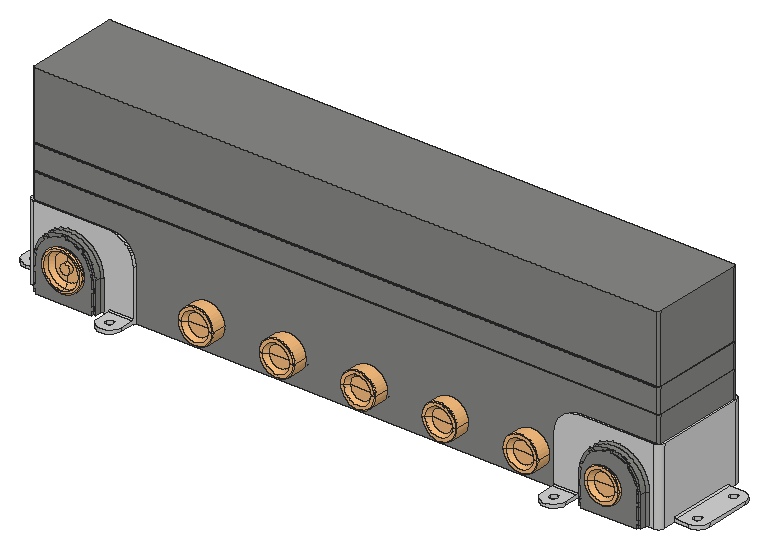
Revit family "Valve-Six_Outlet_Thermostatic-KOHLER-K-26344T_1", category Plumbing Fixtures, host Face, Revit 2017 (continued)
Definition of nested family "K-26344T"
  Lines and regions (in)
    symbolic lines, detail levels medium+fine
      curve 164: arc (2.74684, 0, 0.88574) -> (3.29801, 0, 0.33456) -> (3.84919, 0, 0.88574) r 0.55118
      curve 165: arc (2.76518, 0, 0.88574) -> (3.29801, 0, 0.3529) -> (3.83085, 0, 0.88574) r 0.53284
      curve 166: arc (3.72974, 0, 0.88574) -> (3.29801, 0, 0.45401) -> (2.86629, 0, 0.88574) r 0.43173
      curve 167: arc (3.63955, 0, 0.88574) -> (3.29801, 0, 0.54421) -> (2.95648, 0, 0.88574) r 0.34154
      curve 168: arc (3.29918, 0, 1.03768) -> (3.14926, 0, 0.88777) -> (3.29918, 0, 0.73785) r 0.14992
      curve 169: arc (3.29918, 0, 0.73785) -> (3.44909, 0, 0.88777) -> (3.29918, 0, 1.03768) r 0.14992
      curve 170: arc (2.95648, 0, 0.88574) -> (3.29801, 0, 1.22728) -> (3.63955, 0, 0.88574) r 0.34154
      curve 171: arc (2.86629, 0, 0.88574) -> (3.29801, 0, 1.31747) -> (3.72974, 0, 0.88574) r 0.43173
      curve 172: arc (3.83085, 0, 0.88574) -> (3.29801, 0, 1.41858) -> (2.76518, 0, 0.88574) r 0.53284
      curve 173: arc (3.84919, 0, 0.88574) -> (3.29801, 0, 1.43692) -> (2.74684, 0, 0.88574) r 0.55118
      curve 174: line (9.97041, 0, 0.01969) -> (9.97041, 0, 0.17181)
      curve 175: line (9.99852, 0, 0.01969) -> (9.64344, 0, 0.01969)
      curve 176: line (-9.97044, 0, 0.01969) -> (-9.97044, 0, 0.17181)
      curve 177: line (-9.99855, 0, 0.01969) -> (-9.64347, 0, 0.01969)
      curve 178: line (0, 1.84826, 0.01969) -> (0, 1.84826, 1.91975)
      curve 179: line (0, 1.84826, 0.01969) -> (0, 1.59449, 0.01969)
      curve 180: line (0, 1.59449, 0) -> (0, 1.59449, 2.01706)
      curve 181: line (0, 1.92913, 0.32868) -> (0, 1.92913, 1.63661)
      curve 182: line (0, 1.51532, 2.38189) -> (0, -1.51575, 2.38189)
      curve 183: line (0, -1.84826, 0.01969) -> (0, -1.84826, 1.91975)
      curve 184: line (0, -1.84826, 0.01969) -> (0, -1.59449, 0.01969)
      curve 185: line (0, -1.59449, 0) -> (0, -1.59449, 2.01706)
      curve 186: line (0, -1.92913, 0.32868) -> (0, -1.92913, 1.63661)
      curve 187: line (0, 1.92913, 0.11829) -> (0, 1.92913, 0)
      curve 188: line (0, -1.92913, 0.11829) -> (0, -1.92913, 0)
      curve 189: line (0, -1.96296, 0.01953) -> (0, -1.92913, 0.01953)
      curve 190: line (0, 1.96296, 0.01953) -> (0, 1.92913, 0.01953)
      curve 191: line (9.87198, 0, 5.63386) -> (-9.87206, 0, 5.63386)
      curve 192: line (0, 1.51532, 5.63386) -> (0, -1.51575, 5.63386)
      curve 193: arc (6.40728, 0, 0.88557) -> (5.85611, 0, 1.43675) -> (5.30493, 0, 0.88557) r 0.55118
      curve 194: arc (6.38894, 0, 0.88557) -> (5.85611, 0, 1.41841) -> (5.32327, 0, 0.88557) r 0.53284
      curve 195: arc (5.42438, 0, 0.88557) -> (5.85611, 0, 1.3173) -> (6.28783, 0, 0.88557) r 0.43173
      curve 196: arc (5.51457, 0, 0.88557) -> (5.85611, 0, 1.22711) -> (6.19764, 0, 0.88557) r 0.34154
      curve 197: arc (6.19764, 0, 0.88557) -> (5.85611, 0, 0.54404) -> (5.51457, 0, 0.88557) r 0.34154
      curve 198: arc (6.28783, 0, 0.88557) -> (5.85611, 0, 0.45385) -> (5.42438, 0, 0.88557) r 0.43173
      curve 199: arc (5.32327, 0, 0.88557) -> (5.85611, 0, 0.35274) -> (6.38894, 0, 0.88557) r 0.53284
      curve 200: arc (5.30493, 0, 0.88557) -> (5.85611, 0, 0.3344) -> (6.40728, 0, 0.88557) r 0.55118
      curve 201: arc (5.85726, 0, 1.03768) -> (5.70734, 0, 0.88777) -> (5.85726, 0, 0.73785) r 0.14992
      curve 202: arc (5.85726, 0, 0.73785) -> (6.00717, 0, 0.88777) -> (5.85726, 0, 1.03768) r 0.14992
      curve 203: arc (-9.79471, 1.51532, 0.88574) -> (-9.84906, 1.49281, 0.88574) -> (-9.87157, 1.43846, 0.88574) r 0.07686
      curve 204: arc (9.79328, -1.51575, 0.88574) -> (9.84897, -1.49268, 0.88574) -> (9.87204, -1.43698, 0.88574) r 0.07876
      curve 205: line (-9.79428, -1.51575, 0.88574) -> (9.79328, -1.51575, 0.88574)
    reference lines
      curve 206: line (-1.82014, 1.51532, 0.88574) -> (-1.82014, 7.19166, 0.88574)
      curve 207: line (0.73818, 1.51532, 0.88574) -> (0.73818, 7.19166, 0.88574)
      curve 208: line (3.29803, 1.51532, 0.88574) -> (3.29803, 7.19166, 0.88574)
      curve 209: line (5.85611, 1.51532, 0.88574) -> (5.85611, 7.19166, 0.88574)
      curve 217: line (8.41418, 1.51532, 0.88574) -> (8.41418, 5.9687, 0.88574)
      curve 218: line (-4.37846, 1.51532, 0.88574) -> (-4.37846, 6.69166, 0.88574)
    symbolic lines, detail levels coarse
      curve 210: line (-1.08357, 0, 4.80273) -> (1.08179, 0, 3.62163)
      curve 211: line (1.08179, 0, 4.80273) -> (-1.08357, 0, 3.62163)
      curve 212: line (-1.08357, 0, 3.62163) -> (-1.08357, 0, 4.80273)
      curve 213: line (1.08179, 0, 4.80273) -> (1.08179, 0, 3.62163)
      curve 214: line (-0.00089, 0, 4.21218) -> (-0.00089, 0, 3.14646)
      curve 215: line (-1.10075, 0, 3.14646) -> (1.06461, 0, 3.14646)
      curve 216: arc (-1.10075, 0, 3.14646) -> (-0.01807, 0, 2.38189) -> (1.06461, 0, 3.14646) r 1.14885
  Dimensions and locks (in)
    "Connector 2 Dist": plane 79 "C" to plane 61
    "Connector 3 Dist": plane 61 to plane 80 "D"
    "Connector 4 Dist": plane 61 to plane 81 "E"
    "Connector 5 Dist": plane 82 "F" to plane 61
    "Connector 6 Dist": plane 84 "G" to plane 61
    "Connector 1 Dist": plane 85 "B" to plane 61
    "Connector 2 Angle": angle curve 206 to plane 30
    "Connector 3 Angle": angle plane 36 to curve 207
    "Connector 4 Angle": angle curve 208 to plane 39
    "Connector 5 Angle": angle plane 42 to curve 209
    "Connector 6 Angle": angle plane 83 to curve 217
    "Connector 1 Angle": angle plane 33 to curve 218
    aligned and locked: plane 2 to level
    aligned and locked: plane 79 "C" to curve 206
    aligned and locked: plane 80 "D" to curve 207
    aligned and locked: plane 81 "E" to curve 208
    aligned and locked: plane 82 "F" to curve 209
    aligned and locked: Revolve 27 sketch curve to curve 206
    aligned and locked: Revolve 27 sketch curve to Revolve 27 sketch curve
    aligned and locked: Revolve 28 sketch curve to curve 207
    aligned and locked: Revolve 28 sketch curve to Revolve 28 sketch curve
    aligned and locked: Revolve 29 sketch curve to curve 208
    aligned and locked: Revolve 29 sketch curve to Revolve 29 sketch curve
    aligned and locked: Revolve 30 sketch curve to curve 209
    aligned and locked: Revolve 30 sketch curve to Revolve 30 sketch curve
    aligned and locked: plane 84 "G" to curve 217
    aligned and locked: Revolve 34 sketch curve to curve 217
    aligned and locked: Revolve 34 sketch curve to Revolve 34 sketch curve
    aligned and locked: plane 85 "B" to curve 218
    aligned and locked: Revolve 42 sketch curve to curve 218
    aligned and locked: Revolve 42 sketch curve to Revolve 42 sketch curve
    aligned and locked: Extrusion 35 to cut or joined group of Extrusion 1, Sweep 3, Extrusion 4, Sweep 16, Extrusion 17, Sweep 22, Extrusion 23, Extrusion 24, Extrusion 25, Extrusion 26
  Automatic sketch dimensions
    curve 1 to plane 14 = 0.00006"
    curve 3 to plane 66 = 0.00112"
    curve 3 to plane 24 = 0.02068"
    curve 2 to plane 53 = 0.01832"
    curve 4 to plane 45 = 0"
    curve 2 to plane 24 = 0.02068"
    curve 4 to plane 66 = 0.00061"
    curve 1 to plane 64 = 0.00149"
    curve 189 to plane 7 = 0"
    curve 188 to level = 0"
    plane 6 to curve 188 = 0"
    curve 185 to level = 0"
    curve 192 to plane 11 = 0"
    plane 8 to curve 182 = 0"
    curve 180 to level = 0"
    plane 6 to curve 187 = 0"
    curve 187 to level = 0"
    curve 190 to plane 7 = 0"
    plane 7 to curve 183 = 0.00015"
    plane 78 to curve 183 = 0.12046"
    plane 7 to curve 178 = 0.00015"
    plane 77 to curve 178 = 0.12044"
    curve 182 to plane 61 = 0.00018"
    curve 192 to plane 61 = 0.00018"
    plane 63 to curve 184 = 0.00018"
    plane 78 to curve 186 = 0.03959"
    plane 78 to curve 188 = 0.03959"
    plane 78 to curve 189 = 0.00576"
    curve 179 to plane 62 = 0.00018"
    plane 77 to curve 187 = 0.03956"
    plane 77 to curve 181 = 0.03956"
    plane 77 to curve 190 = 0.00574"
    plane 9 to curve 186 = 0.17484"
    plane 9 to curve 181 = 0.17484"
    plane 5 to curve 181 = 0.64739"
    plane 5 to curve 186 = 0.64739"
    curve 186 to curve 183 = 0.28314"
    curve 181 to curve 178 = 0.28314"
    curve 183 to curve 185 = 0.09731"
    curve 178 to curve 180 = 0.09731"
    curve 9 to curve 27 = 0"  (x2)
    curve 9 to curve 31 = 0"  (x2)
    curve 9 to curve 35 = 0"  (x2)
    curve 9 to curve 39 = 0"  (x2)
    curve 9 to curve 43 = 0"  (x2)
    curve 25 to curve 29 = 0"  (x2)
    curve 25 to curve 33 = 0"  (x2)
    curve 25 to curve 37 = 0"  (x2)
    curve 25 to curve 41 = 0"  (x2)
    curve 25 to curve 45 = 0"  (x2)
    curve 27 to curve 31 = 0"  (x2)
    curve 27 to curve 35 = 0"  (x2)
    curve 27 to curve 39 = 0"  (x2)
    curve 27 to curve 43 = 0"  (x2)
    curve 29 to curve 33 = 0"  (x2)
    curve 29 to curve 37 = 0"  (x2)
    curve 29 to curve 41 = 0"  (x2)
    curve 29 to curve 45 = 0"  (x2)
    curve 31 to curve 35 = 0"  (x2)
    curve 31 to curve 39 = 0"  (x2)
    curve 31 to curve 43 = 0"  (x2)
    curve 33 to curve 37 = 0"  (x2)
    curve 33 to curve 41 = 0"  (x2)
    curve 33 to curve 45 = 0"  (x2)
    curve 35 to curve 39 = 0"  (x2)
    curve 35 to curve 43 = 0"  (x2)
    curve 37 to curve 41 = 0"  (x2)
    curve 37 to curve 45 = 0"  (x2)
    curve 39 to curve 43 = 0"  (x2)
    curve 41 to curve 45 = 0"  (x2)
    curve 56 to curve 57 = 0"  (x2)
    curve 56 to curve 58 = 0"  (x2)
    curve 56 to curve 59 = 0"  (x2)
    curve 56 to curve 60 = 0"  (x2)
    curve 56 to curve 61 = 0"  (x2)
    curve 56 to curve 62 = 0"  (x2)
    curve 56 to curve 63 = 0"  (x2)
    curve 57 to curve 58 = 0"  (x2)
    curve 57 to curve 59 = 0"  (x2)
    curve 57 to curve 60 = 0"  (x2)
    curve 57 to curve 61 = 0"  (x2)
    curve 57 to curve 62 = 0"  (x2)
    curve 57 to curve 63 = 0"  (x2)
    curve 58 to curve 59 = 0"  (x2)
    curve 58 to curve 60 = 0"  (x2)
    curve 58 to curve 61 = 0"  (x2)
    curve 58 to curve 62 = 0"  (x2)
    curve 58 to curve 63 = 0"  (x2)
    curve 59 to curve 60 = 0"  (x2)
    curve 59 to curve 61 = 0"  (x2)
    curve 59 to curve 62 = 0"  (x2)
    curve 59 to curve 63 = 0"  (x2)
    curve 60 to curve 61 = 0"  (x2)
    curve 60 to curve 62 = 0"  (x2)
    curve 60 to curve 63 = 0"  (x2)
    curve 61 to curve 62 = 0"  (x2)
    curve 61 to curve 63 = 0"  (x2)
    curve 62 to curve 63 = 0"  (x2)
    curve 64 to curve 65 = 0"  (x2)
    curve 70 to curve 88 = 0"  (x2)
    curve 70 to curve 92 = 0"  (x2)
    curve 70 to curve 96 = 0"  (x2)
    curve 70 to curve 100 = 0"  (x2)
    curve 70 to curve 104 = 0"  (x2)
    curve 86 to curve 90 = 0"  (x2)
    curve 86 to curve 94 = 0"  (x2)
    curve 86 to curve 98 = 0"  (x2)
    curve 86 to curve 102 = 0"  (x2)
    curve 86 to curve 106 = 0"  (x2)
    curve 88 to curve 92 = 0"  (x2)
    curve 88 to curve 96 = 0"  (x2)
    curve 88 to curve 100 = 0"  (x2)
    curve 88 to curve 104 = 0"  (x2)
    curve 90 to curve 94 = 0"  (x2)
    curve 90 to curve 98 = 0"  (x2)
    curve 90 to curve 102 = 0"  (x2)
    curve 90 to curve 106 = 0"  (x2)
    curve 92 to curve 96 = 0"  (x2)
    curve 92 to curve 100 = 0"  (x2)
    curve 92 to curve 104 = 0"  (x2)
    curve 94 to curve 98 = 0"  (x2)
    curve 94 to curve 102 = 0"  (x2)
    curve 94 to curve 106 = 0"  (x2)
    curve 96 to curve 100 = 0"  (x2)
    curve 96 to curve 104 = 0"  (x2)
    curve 98 to curve 102 = 0"  (x2)
    curve 98 to curve 106 = 0"  (x2)
    curve 100 to curve 104 = 0"  (x2)
    curve 102 to curve 106 = 0"  (x2)
    curve 117 to curve 118 = 0"  (x2)
    curve 117 to curve 119 = 0"  (x2)
    curve 117 to curve 120 = 0"  (x2)
    curve 117 to curve 121 = 0"  (x2)
    curve 117 to curve 122 = 0"  (x2)
    curve 117 to curve 125 = 0"  (x2)
    curve 117 to curve 126 = 0"  (x2)
    curve 118 to curve 119 = 0"  (x2)
    curve 118 to curve 120 = 0"  (x2)
    curve 118 to curve 121 = 0"  (x2)
    curve 118 to curve 122 = 0"  (x2)
    curve 118 to curve 125 = 0"  (x2)
    curve 118 to curve 126 = 0"  (x2)
    curve 119 to curve 120 = 0"  (x2)
    curve 119 to curve 121 = 0"  (x2)
    curve 119 to curve 122 = 0"  (x2)
    curve 119 to curve 125 = 0"  (x2)
    curve 119 to curve 126 = 0"  (x2)
    curve 120 to curve 121 = 0"  (x2)
    curve 120 to curve 122 = 0"  (x2)
    curve 120 to curve 125 = 0"  (x2)
    curve 120 to curve 126 = 0"  (x2)
    curve 121 to curve 122 = 0"  (x2)
    curve 121 to curve 125 = 0"  (x2)
    curve 121 to curve 126 = 0"  (x2)
    curve 122 to curve 125 = 0"  (x2)
    curve 122 to curve 126 = 0"  (x2)
    curve 123 to curve 124 = 0"  (x2)
    curve 125 to curve 126 = 0"  (x2)
    curve 134 to curve 135 = 0"  (x2)
    curve 134 to curve 136 = 0"  (x2)
    curve 134 to curve 137 = 0"  (x2)
    curve 134 to curve 140 = 0"  (x2)
    curve 134 to curve 141 = 0"  (x2)
    curve 134 to curve 142 = 0"  (x2)
    curve 134 to curve 143 = 0"  (x2)
    curve 135 to curve 136 = 0"  (x2)
    curve 135 to curve 137 = 0"  (x2)
    curve 135 to curve 140 = 0"  (x2)
    curve 135 to curve 141 = 0"  (x2)
    curve 135 to curve 142 = 0"  (x2)
    curve 135 to curve 143 = 0"  (x2)
    curve 136 to curve 137 = 0"  (x2)
    curve 136 to curve 140 = 0"  (x2)
    curve 136 to curve 141 = 0"  (x2)
    curve 136 to curve 142 = 0"  (x2)
    curve 136 to curve 143 = 0"  (x2)
    curve 137 to curve 140 = 0"  (x2)
    curve 137 to curve 141 = 0"  (x2)
    curve 137 to curve 142 = 0"  (x2)
    curve 137 to curve 143 = 0"  (x2)
    curve 138 to curve 139 = 0"  (x2)
    curve 140 to curve 141 = 0"  (x2)
    curve 140 to curve 142 = 0"  (x2)
    curve 140 to curve 143 = 0"  (x2)
    curve 141 to curve 142 = 0"  (x2)
    curve 141 to curve 143 = 0"  (x2)
    curve 142 to curve 143 = 0"  (x2)
    curve 144 to curve 145 = 0"  (x2)
    curve 144 to curve 146 = 0"  (x2)
    curve 144 to curve 147 = 0"  (x2)
    curve 144 to curve 150 = 0"  (x2)
    curve 144 to curve 151 = 0"  (x2)
    curve 144 to curve 152 = 0"  (x2)
    curve 144 to curve 153 = 0"  (x2)
    curve 145 to curve 146 = 0"  (x2)
    curve 145 to curve 147 = 0"  (x2)
    curve 145 to curve 150 = 0"  (x2)
    curve 145 to curve 151 = 0"  (x2)
    curve 145 to curve 152 = 0"  (x2)
    curve 145 to curve 153 = 0"  (x2)
    curve 146 to curve 147 = 0"  (x2)
    curve 146 to curve 150 = 0"  (x2)
    curve 146 to curve 151 = 0"  (x2)
    curve 146 to curve 152 = 0"  (x2)
    curve 146 to curve 153 = 0"  (x2)
    curve 147 to curve 150 = 0"  (x2)
    curve 147 to curve 151 = 0"  (x2)
    curve 147 to curve 152 = 0"  (x2)
    curve 147 to curve 153 = 0"  (x2)
    curve 148 to curve 149 = 0"  (x2)
    curve 150 to curve 151 = 0"  (x2)
    curve 150 to curve 152 = 0"  (x2)
    curve 150 to curve 153 = 0"  (x2)
    curve 151 to curve 152 = 0"  (x2)
    curve 151 to curve 153 = 0"  (x2)
    curve 152 to curve 153 = 0"  (x2)
    curve 154 to curve 155 = 0"  (x2)
    curve 154 to curve 156 = 0"  (x2)
    curve 154 to curve 157 = 0"  (x2)
    curve 154 to curve 160 = 0"  (x2)
    curve 154 to curve 161 = 0"  (x2)
    curve 154 to curve 162 = 0"  (x2)
    curve 154 to curve 163 = 0"  (x2)
    curve 155 to curve 156 = 0"  (x2)
    curve 155 to curve 157 = 0"  (x2)
    curve 155 to curve 160 = 0"  (x2)
    curve 155 to curve 161 = 0"  (x2)
    curve 155 to curve 162 = 0"  (x2)
    curve 155 to curve 163 = 0"  (x2)
    curve 156 to curve 157 = 0"  (x2)
    curve 156 to curve 160 = 0"  (x2)
    curve 156 to curve 161 = 0"  (x2)
    curve 156 to curve 162 = 0"  (x2)
    curve 156 to curve 163 = 0"  (x2)
    curve 157 to curve 160 = 0"  (x2)
    curve 157 to curve 161 = 0"  (x2)
    curve 157 to curve 162 = 0"  (x2)
    curve 157 to curve 163 = 0"  (x2)
    curve 158 to curve 159 = 0"  (x2)
    curve 160 to curve 161 = 0"  (x2)
    curve 160 to curve 162 = 0"  (x2)
    curve 160 to curve 163 = 0"  (x2)
    curve 161 to curve 162 = 0"  (x2)
    curve 161 to curve 163 = 0"  (x2)
    curve 162 to curve 163 = 0"  (x2)
    curve 164 to curve 165 = 0"  (x2)
    curve 164 to curve 166 = 0"  (x2)
    curve 164 to curve 167 = 0"  (x2)
    curve 164 to curve 170 = 0"  (x2)
    curve 164 to curve 171 = 0"  (x2)
    curve 164 to curve 172 = 0"  (x2)
    curve 164 to curve 173 = 0"  (x2)
    curve 165 to curve 166 = 0"  (x2)
    curve 165 to curve 167 = 0"  (x2)
    curve 165 to curve 170 = 0"  (x2)
    curve 165 to curve 171 = 0"  (x2)
    curve 165 to curve 172 = 0"  (x2)
    curve 165 to curve 173 = 0"  (x2)
    curve 166 to curve 167 = 0"  (x2)
    curve 166 to curve 170 = 0"  (x2)
    curve 166 to curve 171 = 0"  (x2)
    curve 166 to curve 172 = 0"  (x2)
    curve 166 to curve 173 = 0"  (x2)
    curve 167 to curve 170 = 0"  (x2)
    curve 167 to curve 171 = 0"  (x2)
    curve 167 to curve 172 = 0"  (x2)
    curve 167 to curve 173 = 0"  (x2)
    curve 168 to curve 169 = 0"  (x2)
    curve 170 to curve 171 = 0"  (x2)
    curve 170 to curve 172 = 0"  (x2)
    curve 170 to curve 173 = 0"  (x2)
    curve 171 to curve 172 = 0"  (x2)
    curve 171 to curve 173 = 0"  (x2)
    curve 172 to curve 173 = 0"  (x2)
    curve 193 to curve 194 = 0"  (x2)
    curve 193 to curve 195 = 0"  (x2)
    curve 193 to curve 196 = 0"  (x2)
    curve 193 to curve 197 = 0"  (x2)
    curve 193 to curve 198 = 0"  (x2)
    curve 193 to curve 199 = 0"  (x2)
    curve 193 to curve 200 = 0"  (x2)
    curve 194 to curve 195 = 0"  (x2)
    curve 194 to curve 196 = 0"  (x2)
    curve 194 to curve 197 = 0"  (x2)
    curve 194 to curve 198 = 0"  (x2)
    curve 194 to curve 199 = 0"  (x2)
    curve 194 to curve 200 = 0"  (x2)
    curve 195 to curve 196 = 0"  (x2)
    curve 195 to curve 197 = 0"  (x2)
    curve 195 to curve 198 = 0"  (x2)
    curve 195 to curve 199 = 0"  (x2)
    curve 195 to curve 200 = 0"  (x2)
    curve 196 to curve 197 = 0"  (x2)
    curve 196 to curve 198 = 0"  (x2)
    curve 196 to curve 199 = 0"  (x2)
    curve 196 to curve 200 = 0"  (x2)
    curve 197 to curve 198 = 0"  (x2)
    curve 197 to curve 199 = 0"  (x2)
    curve 197 to curve 200 = 0"  (x2)
    curve 198 to curve 199 = 0"  (x2)
    curve 198 to curve 200 = 0"  (x2)
    curve 199 to curve 200 = 0"  (x2)
    curve 201 to curve 202 = 0"  (x2)
    curve 191 to plane 11 = 0"
    plane 14 to curve 191 = 0"
    curve 8 to plane 8 = 0"
    curve 54 to level = 0"
    curve 64 to plane 5 = 0"
    curve 16 to level = 0"
    curve 67 to plane 7 = 0"
    curve 67 to plane 9 = 0"
    curve 69 to plane 6 = 0"
    curve 6 to level = 0"
    curve 134 to plane 4 "A" = 0"
    curve 144 to plane 4 "A" = 0"
    curve 154 to plane 4 "A" = 0"
    curve 173 to plane 4 "A" = 0"
    curve 198 to plane 42 = 0"
    curve 127 to level = 0"
    curve 130 to plane 6 = 0"
    curve 133 to plane 7 = 0"
    curve 129 to plane 8 = 0"
    curve 77 to level = 0"
    curve 120 to plane 83 = 0"
    curve 115 to level = 0"
    plane 7 to curve 177 = 0.00015"
    plane 23 to curve 177 = 0.01979"
    curve 10 to plane 15 = 0"
    plane 16 to curve 48 = 0"
    plane 16 to curve 52 = 0"
    curve 44 to plane 16 = 0.01534"
    curve 42 to plane 16 = 0.04389"
    curve 53 to plane 9 = 0.01605"
    curve 53 to plane 16 = 0.05904"
    curve 49 to plane 16 = 0.05904"
    curve 47 to plane 16 = 0.05904"
    curve 44 to curve 44 = 0.05737"
    curve 42 to curve 42 = 0.05739"
    curve 40 to plane 16 = 0.31394"
    curve 40 to curve 40 = 0.03647"
    curve 39 to curve 38 = 0.09306"
    curve 38 to curve 38 = 0.03648"
    plane 27 to curve 36 = 0.05935"
    plane 27 to curve 64 = 0.00734"
    plane 27 to curve 33 = 0.0003"
    curve 39 to curve 25 = 0"
    plane 27 to curve 55 = 0.0003"
    plane 27 to curve 60 = 0"
    curve 34 to plane 27 = 0.05876"
    curve 32 to plane 18 = 0.44408"
    curve 32 to curve 32 = 0.03648"
    curve 33 to curve 30 = 0.09307"
    curve 30 to curve 30 = 0.03647"
    curve 28 to plane 18 = 0.10188"
    curve 26 to plane 18 = 0.07331"
    curve 17 to plane 9 = 0.01605"
    curve 17 to plane 18 = 0.05964"
    curve 20 to plane 18 = 0.05964"
    curve 23 to plane 18 = 0.05964"
    curve 28 to plane 18 = 0.04449"
    curve 26 to plane 18 = 0.01594"
    curve 19 to plane 18 = 0.00058"
    curve 21 to plane 18 = 0.00058"
    curve 8 to plane 19 = 0.04007"
    curve 67 to plane 19 = 0"
    curve 6 to plane 20 = 0.00004"
    curve 137 to plane 33 = 0.00161"
    curve 139 to plane 33 = 0.00105"
    curve 152 to plane 30 = 0"
    plane 30 to curve 148 = 0.00153"
    curve 215 to plane 22 = 0.16821"
    curve 210 to plane 22 = 0.18539"
    curve 216 to plane 3 "Center (Left/Right)" = 0.01807"
    curve 162 to plane 36 = 0"
    plane 36 to curve 158 = 0.00115"
    plane 35 to curve 211 = 0.20757"
    curve 172 to plane 39 = 0"
    plane 39 to curve 169 = 0.00115"
    plane 42 to curve 202 = 0.00115"
    curve 127 to plane 51 = 0.00007"
    curve 132 to plane 9 = 0.00027"
    plane 50 to curve 132 = 0.00084"
    curve 129 to plane 50 = 0.04004"
    plane 7 to curve 76 = 0.00015"
    plane 54 to curve 76 = 0.01365"
    plane 48 to curve 72 = 0.00056"
    curve 79 to plane 49 = 0.00056"
    curve 84 to plane 49 = 0.00056"
    curve 87 to plane 49 = 0.01591"
    curve 89 to plane 49 = 0.04446"
    curve 83 to curve 84 = 0.05906"
    curve 79 to curve 80 = 0.05906"
    curve 78 to plane 9 = 0.01605"
    curve 78 to curve 78 = 0.05906"
    curve 87 to curve 87 = 0.05737"
    curve 89 to curve 89 = 0.05739"
    curve 91 to plane 49 = 0.31451"
    curve 91 to curve 91 = 0.03647"
    curve 92 to curve 93 = 0.09306"
    curve 93 to curve 93 = 0.03648"
    plane 83 to curve 124 = 0.00173"
    plane 83 to curve 95 = 0.11928"
    curve 104 to plane 5 = 0.00477"
    plane 83 to curve 104 = 0.17834"
    curve 70 to curve 102 = 0"
    curve 86 to curve 116 = 0"
    curve 94 to curve 97 = 0.11811"
    curve 99 to plane 47 = 0.44351"
    curve 98 to curve 99 = 0.03648"
    curve 98 to curve 101 = 0.09307"
    curve 102 to curve 101 = 0.03647"
    curve 103 to plane 47 = 0.10131"
    curve 105 to plane 47 = 0.07274"
    curve 108 to plane 47 = 0.05907"
    curve 110 to plane 47 = 0.05907"
    curve 115 to plane 9 = 0.01605"
    curve 115 to plane 47 = 0.05907"
    curve 103 to plane 47 = 0.04392"
    curve 105 to plane 47 = 0.01537"
    curve 113 to plane 47 = 0"
    curve 110 to plane 47 = 0"
    plane 7 to curve 13 = 0.00015"
    plane 7 to curve 75 = 0.00015"
    plane 9 to curve 51 = 0.10206"
    plane 9 to curve 80 = 0.10206"
    plane 9 to curve 112 = 0.10206"
    plane 9 to curve 18 = 0.10206"
    curve 82 to plane 4 "A" = 0.25582"
    curve 109 to plane 4 "A" = 0.25582"
    curve 20 to plane 4 "A" = 0.25582"
    curve 48 to plane 4 "A" = 0.25582"
    curve 20 to curve 24 = 0.11811"
    curve 82 to curve 83 = 0.11811"
    curve 109 to curve 109 = 0.11811"
    curve 49 to curve 46 = 0.11811"
    curve 148 to plane 4 "A" = 0.00384"
    curve 124 to plane 4 "A" = 0.00211"
    curve 139 to plane 4 "A" = 0.00188"
    curve 121 to plane 4 "A" = 0.0002"
    curve 200 to plane 4 "A" = 0.00017"
    plane 4 "A" to curve 168 = 0.00202"
    plane 4 "A" to curve 201 = 0.00202"
    plane 4 "A" to curve 158 = 0.00202"
    curve 74 to plane 5 = 0.01014"
    curve 55 to plane 5 = 0.01014"
    curve 24 to plane 5 = 0.00496"
    curve 58 to curve 25 = 0"
    curve 98 to curve 70 = 0.0002"
    curve 25 to curve 9 = 0.0002"
    curve 86 to curve 87 = 0.0143"
    curve 44 to curve 44 = 0.0143"
    curve 106 to curve 105 = 0.0143"
    curve 26 to curve 26 = 0.0143"
    curve 42 to curve 42 = 0.01431"
    curve 103 to curve 103 = 0.01431"
    curve 28 to curve 28 = 0.01431"
    curve 89 to curve 89 = 0.01431"
    curve 30 to curve 30 = 0.04668"
    curve 102 to curve 101 = 0.04668"
    curve 91 to curve 91 = 0.04668"
    curve 40 to curve 40 = 0.04668"
    curve 38 to curve 38 = 0.04669"
    curve 93 to curve 93 = 0.04669"
    curve 32 to curve 32 = 0.04669"
    curve 99 to curve 99 = 0.04669"
    curve 97 to curve 97 = 0.05929"
    curve 36 to curve 36 = 0.05929"
    curve 215 to plane 8 = 0.76457"
    curve 214 to curve 216 = 0.38428"
    curve 216 to curve 211 = 0.47517"
    curve 215 to curve 210 = 0.47517"
    curve 213 to plane 11 = 0.83113"
    curve 210 to plane 11 = 0.83113"
    plane 13 to curve 176 = 0.00004"
    curve 177 to plane 13 = 0.02807"
    curve 8 to plane 14 = 0.00004"
    curve 134 to plane 31 = 0.00161"
    plane 31 to curve 135 = 0.01673"
    curve 135 to curve 136 = 0.10111"
    curve 136 to curve 137 = 0.09019"
    curve 144 to plane 21 = 0"
    plane 21 to curve 152 = 0.01849"
    curve 145 to curve 146 = 0.10079"
    curve 146 to curve 150 = 0.09036"
    curve 214 to plane 3 "Center (Left/Right)" = 0.00089"
    curve 154 to plane 34 = 0"
    plane 34 to curve 155 = 0.01833"
    curve 155 to curve 156 = 0.10111"
    curve 161 to curve 160 = 0.09019"
    curve 173 to plane 37 = 0"
    plane 37 to curve 165 = 0.01833"
    curve 165 to curve 166 = 0.10111"
    curve 166 to curve 167 = 0.09019"
    plane 40 to curve 193 = 0"
    curve 193 to curve 194 = 0.01834"
    curve 199 to curve 195 = 0.10111"
    curve 198 to curve 197 = 0.09019"
    curve 86 to curve 119 = 0.14647"
    curve 117 to curve 120 = 0.01834"
    curve 118 to curve 126 = 0.10111"
    curve 126 to curve 122 = 0.09019"
    curve 191 to plane 45 = 0.00007"
    plane 45 to curve 129 = 0.00014"
    plane 44 to curve 174 = 0.00007"
    curve 175 to plane 44 = 0.02804"
    plane 9 to curve 176 = 0.01796"
    plane 9 to curve 174 = 0.01796"
    plane 9 to curve 56 = 0.19078"
    curve 56 to curve 58 = 0.03924"
    curve 58 to curve 61 = 0.05692"
    curve 60 to curve 63 = 0.12098"
    curve 149 to curve 148 = 0.14992"
    curve 124 to curve 123 = 0.14992"
    curve 139 to curve 138 = 0.14992"
    curve 159 to plane 4 "A" = 0.14789"
    curve 169 to plane 4 "A" = 0.14789"
    curve 201 to curve 193 = 0.14773"
    curve 65 to plane 4 "A" = 0.04645"
    plane 13 to Masking region 1 sketch curve = 0.00006"
    plane 24 to Masking region 1 sketch curve = 0.00005"  (x2)
    Masking region 1 sketch curve to plane 53 = 0.00078"  (x2)
    plane 63 to Masking region 1 sketch curve = 0.00018"
    Masking region 1 sketch curve to plane 44 = 0.00077"
    plane 65 to Masking region 1 sketch curve = 0.00059"
    Masking region 2 sketch curve to plane 6 = 0"  (x2)
    Masking region 2 sketch curve to plane 7 = 0"  (x2)
    Masking region 2 sketch curve to level = 0"
    Masking region 2 sketch curve to plane 8 = 0"  (x2)
    Masking region 2 sketch curve to plane 10 = 0"
    Masking region 2 sketch curve to plane 12 = 0"
    Masking region 2 sketch curve to plane 13 = 0.09147"
    Masking region 2 sketch curve to plane 13 = 0.05365"
    Masking region 2 sketch curve to plane 13 = 0.02785"
    plane 13 to Masking region 2 sketch curve = 0.00004"  (x2)
    Masking region 2 sketch curve to plane 14 = 0.00004"
    Masking region 2 sketch curve to plane 45 = 0.00007"
    plane 44 to Masking region 2 sketch curve = 0.00007"  (x2)
    Masking region 2 sketch curve to plane 44 = 0.02782"
    Masking region 2 sketch curve to plane 44 = 0.05362"
    plane 9 to Masking region 2 sketch curve = 0.05608"
    Masking region 2 sketch curve to plane 44 = 0.09144"
    plane 43 to Masking region 2 sketch curve = 0"
    plane 9 to Masking region 2 sketch curve = 0.01796"
    Masking region 3 sketch curve to plane 7 = 0"  (x2)
    Masking region 3 sketch curve to plane 60 = 0"
    Masking region 3 sketch curve to level = 0"
    plane 6 to Masking region 3 sketch curve = 0"  (x2)
    plane 8 to Masking region 3 sketch curve = 0"  (x2)
    Masking region 3 sketch curve to plane 10 = 0"
    Masking region 3 sketch curve to plane 75 = 0"
    Masking region 3 sketch curve to plane 58 = 0"
    Masking region 3 sketch curve to plane 76 = 0.00019"
    plane 78 to Masking region 3 sketch curve = 0.00576"
    Masking region 3 sketch curve to Masking region 3 sketch curve = 0.03383"
    plane 78 to Masking region 3 sketch curve = 0.03959"  (x2)
    Masking region 3 sketch curve to Masking region 3 sketch curve = 0.08087"
    Masking region 3 sketch curve to plane 63 = 0.09796"
    Masking region 3 sketch curve to plane 63 = 0.09582"
    plane 63 to Masking region 3 sketch curve = 0.00018"
    Masking region 3 sketch curve to plane 61 = 0.00018"
    Masking region 3 sketch curve to plane 62 = 0.00018"
    Masking region 3 sketch curve to plane 62 = 0.09618"
    Masking region 3 sketch curve to plane 62 = 0.09832"
    plane 77 to Masking region 3 sketch curve = 0.12044"
    plane 77 to Masking region 3 sketch curve = 0.03956"  (x3)
    plane 77 to Masking region 3 sketch curve = 0.00574"
    plane 9 to Masking region 3 sketch curve = 0.17484"  (x2)
    Masking region 3 sketch curve to Masking region 3 sketch curve = 0.0398"  (x2)
    plane 5 to Masking region 3 sketch curve = 0.59334"  (x2)
    Masking region 3 sketch curve to Masking region 3 sketch curve = 0.05901"  (x2)
    Masking region 3 sketch curve to Masking region 3 sketch curve = 0.27787"  (x2)
    Masking region 3 sketch curve to Masking region 3 sketch curve = 0.03942"  (x2)
    Masking region 3 sketch curve to Masking region 3 sketch curve = 0.05968"  (x2)
    Extrusion 1 sketch curve to plane 14 = 0.00006"
    Extrusion 1 sketch curve to plane 24 = 0.02068"
    Extrusion 1 sketch curve to plane 61 = 0.00018"
    Extrusion 1 sketch curve to plane 24 = 0.02024"
    Extrusion 1 sketch curve to plane 53 = 0.01922"
    plane 66 to Extrusion 1 sketch curve = 0.00035"
    Extrusion 1 sketch curve to plane 53 = 0.01924"
    Extrusion 2 sketch curve to Extrusion 2 sketch curve = 0"  (x8)
    Extrusion 2 sketch curve to plane 12 = 0"
    Extrusion 2 sketch curve to plane 71 = 0"  (x2)
    plane 29 to Extrusion 2 sketch curve = 0"  (x2)
    Extrusion 2 sketch curve to plane 29 = 0.00076"
    Extrusion 2 sketch curve to plane 70 = 0"  (x2)
    Extrusion 2 sketch curve to plane 29 = 0.00082"
    Extrusion 2 sketch curve to plane 24 = 0.00895"
    Extrusion 2 sketch curve to plane 19 = 0"  (x2)
    plane 73 to Extrusion 2 sketch curve = 0"  (x2)
    Extrusion 2 sketch curve to plane 28 = 0"  (x2)
    plane 51 to Extrusion 2 sketch curve = 0"  (x2)
    Extrusion 2 sketch curve to plane 56 = 0"  (x2)
    plane 69 to Extrusion 2 sketch curve = 0"
    Extrusion 2 sketch curve to plane 53 = 0.00895"
    Extrusion 2 sketch curve to plane 57 = 0.00082"
    Extrusion 2 sketch curve to plane 57 = 0.00076"
    plane 57 to Extrusion 2 sketch curve = 0"  (x2)
    Extrusion 2 sketch curve to plane 43 = 0"
    Extrusion 2 sketch curve to plane 66 = 0.03234"  (x2)
    plane 74 to Extrusion 2 sketch curve = 0.00132"  (x2)
    plane 72 to Extrusion 2 sketch curve = 0.00006"  (x2)
    Extrusion 2 sketch curve to plane 71 = 0.02051"
    Extrusion 2 sketch curve to plane 64 = 0.00109"  (x2)
    Sweep 3 sketch curve to plane 15 = 0"
    plane 27 to Sweep 3 sketch curve = 0.00029"
    Sweep 3 sketch curve to plane 5 = 0.00493"
    Sweep 3 sketch curve to plane 7 = 0"  (x2)
    Sweep 3 sketch curve to profile plane = 0"  (x2)
    Sweep 3 sketch curve to profile plane = 1.85039"
    Sweep 3 sketch curve to Sweep 3 sketch curve = 0.16529"
    Sweep 3 sketch curve to Sweep 3 sketch curve = 0.26958"
    Sweep 3 sketch curve to profile plane = 0.31023"  (x2)
    profile plane to Sweep 3 sketch curve = 1.573"
    Sweep 3 sketch curve to Sweep 3 sketch curve = 0.10428"
    Sweep 3 sketch curve to Sweep 3 sketch curve = 0.17311"
    profile plane to Sweep 3 sketch curve = 0.07652"  (x2)
    Extrusion 4 sketch curve to Extrusion 4 sketch curve = 0"  (x51)
    plane 16 to Extrusion 4 sketch curve = 0"  (x2)
    Extrusion 4 sketch curve to plane 16 = 0.01535"
    Extrusion 4 sketch curve to plane 16 = 0.0439"
    Extrusion 4 sketch curve to plane 9 = 0.01622"  (x2)
    Extrusion 4 sketch curve to plane 16 = 0.05905"  (x3)
    Extrusion 4 sketch curve to Extrusion 4 sketch curve = 0.05737"
    Extrusion 4 sketch curve to Extrusion 4 sketch curve = 0.05739"
    Extrusion 4 sketch curve to plane 16 = 0.31395"
    Extrusion 4 sketch curve to Extrusion 4 sketch curve = 0.03647"  (x2)
    Extrusion 4 sketch curve to Extrusion 4 sketch curve = 0.09306"
    Extrusion 4 sketch curve to Extrusion 4 sketch curve = 0.03648"  (x2)
    plane 27 to Extrusion 4 sketch curve = 0.05934"
    plane 27 to Extrusion 4 sketch curve = 0.00029"
    Extrusion 4 sketch curve to plane 27 = 0.05877"
    Extrusion 4 sketch curve to plane 18 = 0.44406"
    Extrusion 4 sketch curve to Extrusion 4 sketch curve = 0.09307"
    Extrusion 4 sketch curve to plane 18 = 0.10187"
    Extrusion 4 sketch curve to plane 18 = 0.07329"
    Extrusion 4 sketch curve to plane 18 = 0.05963"  (x2)
    Extrusion 4 sketch curve to plane 5 = 0.00513"
    plane 17 to Extrusion 4 sketch curve = 0.099"
    Extrusion 4 sketch curve to plane 18 = 0.04448"
    Extrusion 4 sketch curve to plane 18 = 0.01593"
    Extrusion 4 sketch curve to plane 18 = 0.00057"  (x2)
    Extrusion 4 sketch curve to level = 0.00017"
    plane 9 to Extrusion 4 sketch curve = 0.10189"  (x2)
    Extrusion 4 sketch curve to plane 4 "A" = 0.25599"  (x2)
    Extrusion 4 sketch curve to Extrusion 4 sketch curve = 0.11811"  (x2)
    Extrusion 4 sketch curve to Extrusion 4 sketch curve = 0.0002"
    Extrusion 4 sketch curve to Extrusion 4 sketch curve = 0.0143"  (x2)
    Extrusion 4 sketch curve to Extrusion 4 sketch curve = 0.01431"  (x2)
    Extrusion 4 sketch curve to Extrusion 4 sketch curve = 0.04668"  (x2)
    Extrusion 4 sketch curve to Extrusion 4 sketch curve = 0.04669"  (x2)
    Extrusion 4 sketch curve to Extrusion 4 sketch curve = 0.05929"
    Revolve 5 sketch curve to plane 76 = 0"
    Revolve 5 sketch curve to plane 75 = 0"
    plane 78 to Revolve 5 sketch curve = 0.01764"
    plane 78 to Revolve 5 sketch curve = 0.11619"
    Revolve 5 sketch curve to plane 63 = 0.13688"
    Revolve 5 sketch curve to plane 5 = 0.00513"  (x2)
    Revolve 5 sketch curve to plane 62 = 0.13298"
    plane 77 to Revolve 5 sketch curve = 0.12044"
    plane 77 to Revolve 5 sketch curve = 0.02188"
    plane 5 to Revolve 5 sketch curve = 0.41737"  (x2)
    Revolve 5 sketch curve to Revolve 5 sketch curve = 0.12098"  (x2)
    Revolve 5 sketch curve to Revolve 5 sketch curve = 0.05483"
    Revolve 5 sketch curve to Revolve 5 sketch curve = 0.05891"
    Revolve 5 sketch curve to Revolve 5 sketch curve = 0.04133"
    Revolve 5 sketch curve to plane 1 "Center (Front/Back)" = 0.17236"
    Revolve 5 sketch curve to plane 71 = 0.03626"
    Revolve 6 sketch curve to plane 78 = 0"
    Revolve 6 sketch curve to plane 36 = 0"  (x2)
    plane 34 to Revolve 6 sketch curve = 0.20964"  (x2)
    plane 34 to Revolve 6 sketch curve = 0.11945"
    plane 77 to Revolve 6 sketch curve = 0.00003"
    plane 34 to Revolve 6 sketch curve = 0.11649"
    plane 34 to Revolve 6 sketch curve = 0.0213"
    plane 34 to Revolve 6 sketch curve = 0.01834"
    plane 34 to Revolve 6 sketch curve = 0"
    plane 78 to Revolve 6 sketch curve = 0.02619"
    plane 78 to Revolve 6 sketch curve = 0.12881"
    plane 77 to Revolve 6 sketch curve = 0.13306"
    plane 77 to Revolve 6 sketch curve = 0.03044"
    Revolve 6 sketch curve to plane 68 = 0.17452"
    Revolve 6 sketch curve to plane 1 "Center (Front/Back)" = 0.15535"
    Revolve 7 sketch curve to plane 30 = 0"  (x2)
    plane 21 to Revolve 7 sketch curve = 0.20964"  (x2)
    Revolve 7 sketch curve to plane 78 = 0.00023"
    plane 21 to Revolve 7 sketch curve = 0.11929"
    Revolve 7 sketch curve to plane 77 = 0"
    plane 21 to Revolve 7 sketch curve = 0.11648"
    plane 21 to Revolve 7 sketch curve = 0.02131"
    plane 21 to Revolve 7 sketch curve = 0.0185"
    plane 21 to Revolve 7 sketch curve = 0"
    plane 77 to Revolve 7 sketch curve = 0.03044"
    plane 77 to Revolve 7 sketch curve = 0.13305"
    plane 78 to Revolve 7 sketch curve = 0.12881"
    plane 78 to Revolve 7 sketch curve = 0.02619"
    Revolve 7 sketch curve to plane 1 "Center (Front/Back)" = 0.12724"
    Revolve 7 sketch curve to plane 68 = 0.20263"
    Revolve 8 sketch curve to plane 78 = 0"
    Revolve 8 sketch curve to plane 31 = 0.0016"
    plane 31 to Revolve 8 sketch curve = 0.01674"
    plane 77 to Revolve 8 sketch curve = 0.00032"
    plane 31 to Revolve 8 sketch curve = 0.01949"
    Revolve 8 sketch curve to Revolve 8 sketch curve = 0.09561"
    Revolve 8 sketch curve to Revolve 8 sketch curve = 0.10111"
    Revolve 8 sketch curve to Revolve 8 sketch curve = 0.09019"
    Revolve 8 sketch curve to Revolve 8 sketch curve = 0.09295"
    Revolve 8 sketch curve to plane 33 = 0.0016"  (x2)
    plane 78 to Revolve 8 sketch curve = 0.02619"
    plane 78 to Revolve 8 sketch curve = 0.12881"
    plane 77 to Revolve 8 sketch curve = 0.13306"
    plane 77 to Revolve 8 sketch curve = 0.03044"
    Revolve 8 sketch curve to plane 68 = 0.17452"
    Revolve 8 sketch curve to plane 1 "Center (Front/Back)" = 0.15535"
    plane 6 to Extrusion 9 sketch curve = 0.00766"
    Extrusion 9 sketch curve to plane 13 = 0.09145"
    plane 13 to Extrusion 9 sketch curve = 0.00742"
    plane 9 to Extrusion 9 sketch curve = 0.04876"
    plane 62 to Extrusion 10 sketch curve = 0.0129"
    plane 6 to Extrusion 10 sketch curve = 0.00748"
    Extrusion 10 sketch curve to plane 62 = 0.05802"
    plane 9 to Extrusion 10 sketch curve = 0.0363"
    plane 63 to Extrusion 11 sketch curve = 0.009"
    plane 6 to Extrusion 11 sketch curve = 0.00748"
    Extrusion 11 sketch curve to plane 63 = 0.06193"
    plane 9 to Extrusion 11 sketch curve = 0.0363"
    Extrusion 12 sketch curve to plane 27 = 0.01118"
    Extrusion 12 sketch curve to plane 5 = 0.00948"
    Revolve 13 sketch curve to plane 78 = 0"
    Revolve 13 sketch curve to plane 39 = 0"  (x2)
    plane 37 to Revolve 13 sketch curve = 0.22755"
    plane 37 to Revolve 13 sketch curve = 0.20964"
    plane 37 to Revolve 13 sketch curve = 0.11945"
    plane 77 to Revolve 13 sketch curve = 0.00011"
    plane 37 to Revolve 13 sketch curve = 0.11655"
    plane 37 to Revolve 13 sketch curve = 0.02124"
    plane 37 to Revolve 13 sketch curve = 0.01834"
    plane 37 to Revolve 13 sketch curve = 0"
    plane 78 to Revolve 13 sketch curve = 0.02619"
    plane 78 to Revolve 13 sketch curve = 0.12881"
    plane 77 to Revolve 13 sketch curve = 0.15863"
    plane 77 to Revolve 13 sketch curve = 0.03044"
    Revolve 13 sketch curve to plane 68 = 0.17452"
    Revolve 13 sketch curve to plane 1 "Center (Front/Back)" = 0.15535"
    plane 13 to Extrusion 14 sketch curve = 0.00006"
    plane 63 to Extrusion 14 sketch curve = 0.00018"
    Extrusion 14 sketch curve to plane 24 = 0.00074"
    plane 24 to Extrusion 14 sketch curve = 0.00005"
    Extrusion 14 sketch curve to plane 62 = 0.00018"
    Extrusion 14 sketch curve to plane 20 = 0.18767"
    plane 8 to Extrusion 15 sketch curve = 0.00017"
    Extrusion 15 sketch curve to plane 13 = 0.19163"
    Extrusion 15 sketch curve to plane 19 = 0.04005"
    Extrusion 15 sketch curve to plane 20 = 0.00006"
    Extrusion 15 sketch curve to level = 0.15642"
    Extrusion 15 sketch curve to Extrusion 15 sketch curve = 0.46186"
    Extrusion 15 sketch curve to plane 8 = 0.49983"
    plane 46 to Sweep 16 sketch curve = 0"
    Sweep 16 sketch curve to plane 5 = 0.00493"
    plane 83 to Sweep 16 sketch curve = 0.17834"
    Sweep 16 sketch curve to plane 7 = 0"  (x2)
    Sweep 16 sketch curve to profile plane = 0"  (x2)
    Sweep 16 sketch curve to profile plane = 1.85039"
    Sweep 16 sketch curve to Sweep 16 sketch curve = 0.17311"
    Sweep 16 sketch curve to Sweep 16 sketch curve = 0.10428"  (x2)
    profile plane to Sweep 16 sketch curve = 0.24773"  (x2)
    profile plane to Sweep 16 sketch curve = 1.58082"
    Sweep 16 sketch curve to Sweep 16 sketch curve = 0.16529"
    Sweep 16 sketch curve to profile plane = 0.07652"  (x2)
    Extrusion 17 sketch curve to Extrusion 17 sketch curve = 0"  (x51)
    Extrusion 17 sketch curve to plane 47 = 0"  (x2)
    Extrusion 17 sketch curve to plane 47 = 0.01537"
    Extrusion 17 sketch curve to plane 47 = 0.04392"
    Extrusion 17 sketch curve to plane 9 = 0.01622"  (x2)
    Extrusion 17 sketch curve to Extrusion 17 sketch curve = 0.05906"  (x3)
    Extrusion 17 sketch curve to Extrusion 17 sketch curve = 0.05737"
    Extrusion 17 sketch curve to Extrusion 17 sketch curve = 0.05739"
    Extrusion 17 sketch curve to plane 47 = 0.31397"
    Extrusion 17 sketch curve to Extrusion 17 sketch curve = 0.03647"  (x2)
    Extrusion 17 sketch curve to Extrusion 17 sketch curve = 0.09306"
    Extrusion 17 sketch curve to Extrusion 17 sketch curve = 0.03648"  (x2)
    plane 83 to Extrusion 17 sketch curve = 0.23739"
    Extrusion 17 sketch curve to plane 5 = 0.00493"
    plane 83 to Extrusion 17 sketch curve = 0.17834"
    Extrusion 17 sketch curve to Extrusion 17 sketch curve = 0.11811"  (x3)
    Extrusion 17 sketch curve to plane 83 = 0.31321"
    Extrusion 17 sketch curve to Extrusion 17 sketch curve = 0.09307"
    Extrusion 17 sketch curve to plane 49 = 0.10185"
    Extrusion 17 sketch curve to plane 49 = 0.07328"
    Extrusion 17 sketch curve to plane 49 = 0.05961"  (x2)
    Extrusion 17 sketch curve to plane 5 = 0.00513"
    plane 48 to Extrusion 17 sketch curve = 0.09898"
    Extrusion 17 sketch curve to plane 49 = 0.04446"
    Extrusion 17 sketch curve to plane 49 = 0.01591"
    Extrusion 17 sketch curve to plane 49 = 0.00056"  (x2)
    Extrusion 17 sketch curve to Extrusion 17 sketch curve = 0.0143"  (x2)
    Extrusion 17 sketch curve to Extrusion 17 sketch curve = 0.01431"  (x2)
    Extrusion 17 sketch curve to Extrusion 17 sketch curve = 0.04668"  (x2)
    Extrusion 17 sketch curve to Extrusion 17 sketch curve = 0.04669"  (x2)
    Extrusion 17 sketch curve to Extrusion 17 sketch curve = 0.05929"
    Extrusion 17 sketch curve to plane 4 "A" = 0.13788"  (x2)
    plane 9 to Extrusion 17 sketch curve = 0.10189"  (x2)
    Extrusion 17 sketch curve to level = 0.00017"
    Revolve 18 sketch curve to plane 78 = 0"
    plane 77 to Revolve 18 sketch curve = 0"
    Revolve 18 sketch curve to plane 83 = 0"  (x2)
    plane 77 to Revolve 18 sketch curve = 0.15863"
    Revolve 18 sketch curve to Revolve 18 sketch curve = 0.32363"
    plane 78 to Revolve 18 sketch curve = 0.12881"
    Revolve 18 sketch curve to Revolve 18 sketch curve = 0.34154"
    Revolve 18 sketch curve to Revolve 18 sketch curve = 0.09019"
    Revolve 18 sketch curve to Revolve 18 sketch curve = 0.11107"
    Revolve 18 sketch curve to Revolve 18 sketch curve = 0.09516"
    Revolve 18 sketch curve to Revolve 18 sketch curve = 0.10111"
    Revolve 18 sketch curve to Revolve 18 sketch curve = 0.02131"
    plane 78 to Revolve 18 sketch curve = 0.02619"
    plane 77 to Revolve 18 sketch curve = 0.03044"
    Revolve 18 sketch curve to plane 68 = 0.17452"
    Revolve 18 sketch curve to plane 1 "Center (Front/Back)" = 0.15535"
    Extrusion 19 sketch curve to plane 44 = 0.00007"
    Extrusion 19 sketch curve to plane 63 = 0.00018"
    plane 53 to Extrusion 19 sketch curve = 0.00073"
    Extrusion 19 sketch curve to plane 53 = 0.00006"
    plane 62 to Extrusion 19 sketch curve = 0.00018"
    plane 41 to Extrusion 19 sketch curve = 0.02905"
    Revolve 20 sketch curve to plane 78 = 0"
    Revolve 20 sketch curve to plane 42 = 0"  (x2)
    plane 40 to Revolve 20 sketch curve = 0.22755"
    plane 40 to Revolve 20 sketch curve = 0.20964"
    plane 40 to Revolve 20 sketch curve = 0.11945"
    plane 77 to Revolve 20 sketch curve = 0.00011"
    plane 40 to Revolve 20 sketch curve = 0.11655"
    plane 40 to Revolve 20 sketch curve = 0.02124"
    plane 40 to Revolve 20 sketch curve = 0.01834"
    plane 40 to Revolve 20 sketch curve = 0"
    plane 78 to Revolve 20 sketch curve = 0.02619"
    plane 78 to Revolve 20 sketch curve = 0.12881"
    plane 77 to Revolve 20 sketch curve = 0.15863"
    plane 77 to Revolve 20 sketch curve = 0.03044"
    Revolve 20 sketch curve to plane 68 = 0.17452"
    Revolve 20 sketch curve to plane 1 "Center (Front/Back)" = 0.15535"
    Extrusion 21 sketch curve to plane 8 = 0"
    plane 41 to Extrusion 21 sketch curve = 0.10633"
    Extrusion 21 sketch curve to plane 51 = 0"
    Extrusion 21 sketch curve to plane 50 = 0.04063"
    Extrusion 21 sketch curve to plane 57 = 0.14205"
    Extrusion 21 sketch curve to level = 0.27349"
    Extrusion 21 sketch curve to Extrusion 21 sketch curve = 0.4133"
    Sweep 22 sketch curve to plane 14 = 0.00006"
    Sweep 22 sketch curve to plane 24 = 0.02068"
    Sweep 22 sketch curve to plane 61 = 0.00018"
    Sweep 22 sketch curve to plane 24 = 0.02024"
    Sweep 22 sketch curve to plane 53 = 0.01922"
    plane 66 to Sweep 22 sketch curve = 0.00035"
    Sweep 22 sketch curve to plane 53 = 0.01924"
    profile plane to Sweep 22 sketch curve = 0.01974"  (x2)
    Sweep 22 sketch curve to profile plane = 0.02661"  (x2)
    level to Sweep 22 sketch curve = 3.16929"
    Sweep 22 sketch curve to Sweep 22 sketch curve = 0.03937"  (x2)
    Sweep 22 sketch curve to Sweep 22 sketch curve = 0.74803"
    plane 27 to Extrusion 23 sketch curve = 0"
    Extrusion 23 sketch curve to plane 5 = 0.00513"
    plane 27 to Extrusion 24 sketch curve = 0"
    Extrusion 24 sketch curve to plane 5 = 0.00513"
    Extrusion 25 sketch curve to plane 83 = 0"
    Extrusion 25 sketch curve to plane 4 "A" = 0.00036"
    Extrusion 26 sketch curve to plane 83 = 0"
    Extrusion 26 sketch curve to plane 4 "A" = 0.00036"
    curve 203 to plane 64 = 0.00149"
    plane 66 to curve 204 = 0.00035"
    curve 205 to plane 61 = 0.00018"
    curve 205 to plane 53 = 0.01924"
    curve 203 to plane 24 = 0.02068"
    curve 205 to plane 24 = 0.02024"
    curve 206 to Revolve 27 sketch curve = 0.1392"
    curve 206 to Revolve 27 sketch curve = 41/128"
    Revolve 27 sketch curve to Revolve 27 sketch curve = 0.13305"
    Revolve 27 sketch curve to Revolve 27 sketch curve = 0.0533"
    Revolve 27 sketch curve to Revolve 27 sketch curve = 0.09898"
    curve 207 to Revolve 28 sketch curve = 0.12062"
    curve 207 to Revolve 28 sketch curve = 41/128"
    Revolve 28 sketch curve to Revolve 28 sketch curve = 0.10262"
    Revolve 28 sketch curve to Revolve 28 sketch curve = 0.05131"
    Revolve 28 sketch curve to Revolve 28 sketch curve = 0.06839"
    curve 208 to Revolve 29 sketch curve = 0.13817"
    curve 208 to Revolve 29 sketch curve = 0.29475"
    Revolve 29 sketch curve to Revolve 29 sketch curve = 0.12819"
    Revolve 29 sketch curve to Revolve 29 sketch curve = 0.03838"
    Revolve 29 sketch curve to Revolve 29 sketch curve = 0.06833"
    curve 209 to Revolve 30 sketch curve = 0.13806"
    curve 209 to Revolve 30 sketch curve = 0.29475"
    Revolve 30 sketch curve to Revolve 30 sketch curve = 0.12819"
    Revolve 30 sketch curve to Revolve 30 sketch curve = 0.0438"
    Revolve 30 sketch curve to Revolve 30 sketch curve = 0.04988"
    plane 6 to Extrusion 31 sketch curve = 0.00766"
    Extrusion 31 sketch curve to plane 44 = 0.09145"
    plane 44 to Extrusion 31 sketch curve = 0.00742"
    plane 9 to Extrusion 31 sketch curve = 0.04876"
    plane 62 to Extrusion 32 sketch curve = 0.0129"
    plane 6 to Extrusion 32 sketch curve = 0.00748"
    Extrusion 32 sketch curve to plane 62 = 0.05802"
    plane 9 to Extrusion 32 sketch curve = 0.0363"
    plane 63 to Extrusion 33 sketch curve = 0.009"
    plane 6 to Extrusion 33 sketch curve = 0.00748"
    Extrusion 33 sketch curve to plane 63 = 0.06193"
    plane 9 to Extrusion 33 sketch curve = 0.0363"
    curve 217 to Revolve 34 sketch curve = 0.11928"
    curve 217 to Revolve 34 sketch curve = 0.29475"
    Revolve 34 sketch curve to Revolve 34 sketch curve = 0.11906"
    Revolve 34 sketch curve to Revolve 34 sketch curve = 0.03693"
    Revolve 34 sketch curve to Revolve 34 sketch curve = 0.09986"
    plane 13 to Extrusion 35 sketch curve = 0.00006"
    plane 44 to Extrusion 35 sketch curve = 0.00007"
    plane 63 to Extrusion 35 sketch curve = 0.00018"
    Extrusion 35 sketch curve to plane 62 = 0.00018"
    Extrusion 36 sketch curve to plane 7 = 0.00017"
    Extrusion 36 sketch curve to plane 41 = 0.09679"
    Extrusion 36 sketch curve to plane 44 = 0.1301"
    Extrusion 36 sketch curve to plane 8 = 0.13747"
    plane 48 to Extrusion 37 sketch curve = 0.00056"
    plane 5 to Extrusion 37 sketch curve = 0.00648"
    plane 83 to Extrusion 37 sketch curve = 0.17834"
    Extrusion 37 sketch curve to level = 0.00017"
    Extrusion 38 sketch curve to plane 70 = 0"  (x2)
    Extrusion 38 sketch curve to plane 12 = 0"
    plane 69 to Extrusion 38 sketch curve = 0"  (x2)
    plane 13 to Extrusion 38 sketch curve = 0.00006"  (x2)
    Extrusion 38 sketch curve to plane 19 = 0"  (x2)
    Extrusion 38 sketch curve to plane 28 = 0"
    plane 51 to Extrusion 38 sketch curve = 0"
    Extrusion 38 sketch curve to plane 56 = 0"  (x2)
    plane 44 to Extrusion 38 sketch curve = 0.00007"  (x2)
    Extrusion 38 sketch curve to plane 43 = 0"
    plane 63 to Extrusion 38 sketch curve = 0.00018"  (x2)
    plane 74 to Extrusion 38 sketch curve = 0.00261"
    Extrusion 38 sketch curve to plane 74 = 0.01032"
    plane 62 to Extrusion 38 sketch curve = 0.00012"
    Extrusion 38 sketch curve to plane 62 = 0.00018"
    Extrusion 38 sketch curve to plane 73 = 0.00414"
    Extrusion 38 sketch curve to plane 73 = 0.01115"
    Extrusion 39 sketch curve to Extrusion 39 sketch curve = 0"  (x14)
    Extrusion 39 sketch curve to plane 30 = 0"
    Extrusion 39 sketch curve to plane 36 = 0"
    Extrusion 39 sketch curve to plane 39 = 0"
    Extrusion 39 sketch curve to plane 42 = 0"
    Extrusion 39 sketch curve to plane 83 = 0"
    Extrusion 39 sketch curve to plane 4 "A" = 0.00017"  (x5)
    Extrusion 39 sketch curve to plane 33 = 0.0016"
    plane 27 to Extrusion 39 sketch curve = 0"
    Extrusion 39 sketch curve to plane 4 "A" = 0.00036"
    Extrusion 39 sketch curve to plane 5 = 0.00513"
    plane 21 to Extrusion 39 sketch curve = 0"
    plane 32 to Extrusion 39 sketch curve = 0.0016"
    plane 34 to Extrusion 39 sketch curve = 0"
    plane 37 to Extrusion 39 sketch curve = 0"
    plane 40 to Extrusion 39 sketch curve = 0"
    Extrusion 39 sketch curve to plane 49 = 0.20608"
    plane 9 to Extrusion 39 sketch curve = 0.19061"
    plane 7 to Extrusion 40 sketch curve = 0.00017"
    plane 20 to Extrusion 40 sketch curve = 0.11993"
    plane 13 to Extrusion 40 sketch curve = 0.13011"
    plane 8 to Extrusion 40 sketch curve = 0.13747"
    Extrusion 41 sketch curve to plane 17 = 0.00057"
    Extrusion 41 sketch curve to plane 27 = 0.00029"
    level to Extrusion 41 sketch curve = 0.00017"
    Extrusion 41 sketch curve to plane 5 = 0.00648"
    plane 64 to curve 4 = 0.00134"
    curve 182 to plane 59 = 0.00025"
    curve 192 to plane 59 = 0.00025"
    Masking region 3 sketch curve to plane 59 = 0.00025"
    plane 64 to Extrusion 1 sketch curve = 0.00044"
    plane 64 to Sweep 22 sketch curve = 0.00044"
    curve 203 to plane 59 = 0.00025"
    curve 218 to Revolve 42 sketch curve = 0.1087"
    curve 218 to Revolve 42 sketch curve = 41/128"
    Revolve 42 sketch curve to Revolve 42 sketch curve = 0.10262"
    Revolve 42 sketch curve to Revolve 42 sketch curve = 0.05131"
    Revolve 42 sketch curve to Revolve 42 sketch curve = 0.07444"
    curve 217 to plane 83 = 0"
    curve 218 to plane 33 = 0"
    curve 209 to plane 42 = 0"
    curve 208 to plane 39 = 0"
    curve 207 to plane 36 = 0"
    curve 206 to plane 30 = 0"
    radius of Extrusion 2 sketch curve = 0.12529"  (x4)
    radius of Extrusion 2 sketch curve = 0.12354"  (x2)
    radius of Extrusion 2 sketch curve = 0.12415"  (x2)
    radius of Extrusion 12 sketch curve = 0.14992"
    radius of Extrusion 23 sketch curve = 0.55979"
    radius of Extrusion 24 sketch curve = 0.56419"
    radius of Extrusion 25 sketch curve = 0.4505"
    radius of Extrusion 26 sketch curve = 0.47389"
